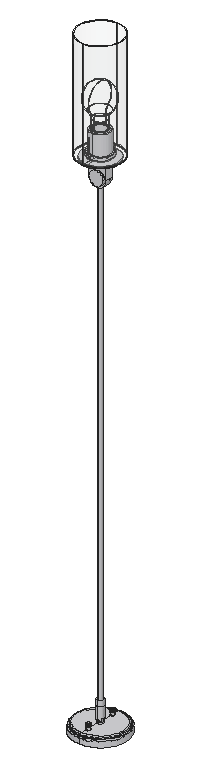
Revit family "Light_Fixture-Pendant-KOHLER-Crue-K-35876_1", category Lighting Fixtures, host Face, Revit 2021
Family settings
  Host = Face
  Round Connector Dimension = Use Diameter
  Part Type = Normal
  OmniClass Number = 23.35.47.00
  OmniClass Title = Electrical Lighting
  Cut with Voids When Loaded = No
  Light Source = Yes
  Shared = No
  Room Calculation Point = No
Parameters (values of type "CPL-Polished Chrome")
  Width = 4 185/256"  # constant formula
  Wattage Comments = "60W"  # constant formula
  Wattage = 60 W
  WaterSense Certified = 1 = 0  # no
  built-in parameter 1150110 = 1 (stored number, unit not read)
  Voltage = 120 V  # constant formula
  URL = "https://www.us.kohler.com/us/"
  Type = 4
  Tube Height [instance] = Height - 12 105/256"  # 44 73/128"
  built-in parameter 1114217 = 1 (stored number, unit not read)
  built-in parameter 1150109 = 1 (stored number, unit not read)
  built-in parameter 1150134 = 1
  built-in parameter 1150113 = 1 (stored number, unit not read)
  Product Page URL = "http://www.us.kohler.com/us/catalog/productDetails.jsp?productId=35876-PE01"
  Product Name = "Crue"  # constant formula
  Product Documentation Link = "https://www.us.kohler.com/webassets/kpna/catalog/pdf/en/K-35876-PE01_spec_US-CA_Kohler_en.pdf"
  Model = if(Type = 1, "K-35876-PE01-2GL", if(Type = 2, "K-35876-PE01-BLL", if(Type = 3, "K-35876-PE01-BNL", if(Type = 4, "K-35876-PE01-CPL", if(Type = 5, "K-35876-PE01-TTL", "NA")))))  # "K-35876-PE01-CPL"
  Material = "Premium Metal Construction\r\n"  # constant formula
  Master Format 2014 Name = "Interior Lighting Fixtures, Lamps, And Ballasts"  # constant formula
  Master Format 2014 = "26 51 13"  # constant formula
  Manufacturer Address = "444 Highland Dr, Kohler, WI 53044"  # constant formula
  Manufacturer = "Kohler Co."  # constant formula
  built-in parameter 1150105 = 95.493 (stored number, unit not read)
  Lumens = 1200 lm
  built-in parameter 1150115 = 1 (stored number, unit not read)
  Light Source Symbol Size = 4"  # constant formula
  built-in parameter 1150137 = (empty or 0)
  built-in parameter 1150139 = (empty or 0)
  Length = 4 185/256"  # constant formula
  built-in parameter 1150112 = 1 (stored number, unit not read)
  built-in parameter 1150114 = 1 (stored number, unit not read)
  Lamp = "E26 Max 60W"  # constant formula
  built-in parameter 1150132 = (empty or 0)
  built-in parameter 1150102 = (empty or 0)
  built-in parameter 1150107 = 6500 (stored number, unit not read)
  built-in parameter 1150138 = (empty or 0)
  built-in parameter 1150106 = 0.95493 (stored number, unit not read)
  Height [instance] = 56 251/256"
  Hardware Included = 1 = 0  # no
  Finish = KOHLER-Metal-CPL-Polished_Chrome
  Environmental Product Declaration = ""
  Emit from Line Length = 3"
  Electrical Note = "One Dedicated Circuit Required"  # constant formula
  Electrical Connector = 1 = 1  # yes
  built-in parameter 1150104 = 1.8581 (stored number, unit not read)
  Dimming Lamp Color Temperature Shift = Incandescent Lamp Curve
  Description = "1 Light Pendant"  # constant formula
  Default Elevation = 0"
  Declare Label = ""
  Date Modified = "01/17/2023"  # constant formula
  Date Created = "01/17/2023"  # constant formula
  Copyright = "Copyright Kohler Co."  # constant formula
  Contact Us = "https://www.us.kohler.com/us/static/contact.jsp"
  Color Filter = 16777215
  built-in parameter 1114218 = 1 (stored number, unit not read)
  built-in parameter 1150133 = 10 (stored number, unit not read)
  Assembly Code = "D5040.50"
  Apparent Load = 60 VA  # constant formula
  ADA Compliant = 1 = 0  # no
Reference planes (in)
  plane 1 "Center (Front/Back)": y = 0
  plane 2: z = 0
  plane 3 "Center (Left/Right)": x = 0
  plane 4: y = 2.3622
  plane 5: y = -2.36045
  plane 6: y = 1.37795
  plane 7: y = -1.9685
  plane 8: y = 1.9685
  plane 9: z = 44.57031
  plane 10: z = 0.7874
  plane 11: z = 2.67717
  plane 12: y = -1.37795
  plane 13: z = 56.98047
  plane 14: z = 46.98047
  plane 15: z = 53.99897
  plane 16: x = -2.3622
  plane 17: x = 2.36045
  plane 18: x = -1.9685
  plane 19: x = 1.9685
  plane 20: z = 50.99897
Dimensions and locks (in)
  "Tube Height": plane 9 to level
  "Width": plane 16 to plane 17
  "Length": plane 4 to plane 5
  "Height": plane 13 to level
  plane 9 to plane 13 = 12 105/256"
  plane 9 to plane 14 = 2 105/256"
  plane 14 to plane 13 = 10"
  plane 14 to plane 15 = 7.0185"
  plane 10 to level = 0.7874"
  plane 11 to level = 2.67717"
  plane 18 to plane 19 = 3.93701"
  plane 8 to plane 7 = 3.93701"
  locked: plane 13 to plane 20 at 5.9815
  aligned and locked: plane 2 to host face
  aligned and locked: level to host face
  aligned and locked: nested 2 to plane 9
  aligned and locked: imposter light to plane 20
Automatic sketch dimensions
  host sketch curve to host sketch curve = 96"  (x2)
Nested families (in)
  nested 1: "K-35876_Tube" at (0, 0, 0.00071), type "K-35876_Tube"
  nested 2: "K-35876" at (0, 0, -0.00173), type "K-35876"
Connectors (in)
  electrical at (0, 0, 0.00071), driven by "Voltage", driven by "Apparent Load", driven by "Electrical Connector", driven by "Electrical Note"
    settings: on nested 1, index 1, voltage 120 V, apparent load 60 VA, apparent load phase1 0 VA, apparent load phase2 0 VA, apparent load phase3 0 VA, power factor 1, load classification "Lighting", number of poles 1, system type 30, power factor state 1, is connector primary yes, connector utility yes, sub classification motor no, connector description "One Dedicated Circuit Required"
Definition of nested family "K-35876_Tube"
  Parameters (values of type "K-35876_Tube")
    Tube Height = 44.57134"
    Material = none
    Default Elevation = 0"
  Reference planes (in)
    plane 1 "Light Source Axis (F/B)": y = 0
    plane 2: z = 0
    plane 3 "Light Source Axis (L/R)": x = 0
    plane 4 "Light Source Elevation": z = 54
    plane 5: y = 2.3622
    plane 6: y = -2.3622
    plane 7: x = -2.3622
    plane 8: x = 2.3622
    plane 9: z = 0.7874
    plane 10: z = 2.67717
    plane 11: z = 56.9815
    plane 12: z = 44.57134
    plane 13: z = 46.9815
    plane 14: y = 1.9685
    plane 15: y = -1.9685
    plane 16: y = 1.37795
    plane 17: y = -1.37795
  Forms (in)
    Revolve 1, solid, material <- "Material", detail levels medium+fine
      sketch origin (0, 0, 0) x (0, 1, 0) y (0, 0, 1)
        loop
          line (0, 0) -> (2.3622, 0) -> (2.3622, 0.5315)
          arc (2.3622, 0.5315) -> (2.34491, 0.57325) -> (2.30315, 0.59055) r 0.05906
          line (2.30315, 0.59055) -> (2.20472, 0.59055)
          arc (2.20472, 0.59055) -> (2.17689, 0.60208) -> (2.16535, 0.62992) r 0.03937
          line (2.16535, 0.62992) -> (2.16535, 0.72835)
          arc (2.16535, 0.72835) -> (2.14806, 0.7701) -> (2.1063, 0.7874) r 0.05906
          line (2.1063, 0.7874) -> (0.23622, 0.7874) -> (0.18701, 0.7874) -> (0, 0.7874) -> (0, 0)
        loop
          line (0, 0.94204) -> (0.18701, 0.94204)
          arc (0.18701, 0.94204) -> (0.26507, 0.99388) -> (0.29528, 1.08259) r 0.14537
          line (0.29528, 1.08259) -> (0.29528, 2.20472) -> (0.24606, 2.20472) -> (0.24606, 2.23622) -> (0.29528, 2.23622) -> (0.29528, 2.67717) -> (0, 2.67717) -> (0, 0.94204)
        axis (0, 0) -> (0, 2.67717)
      angle from 0 to 360
    Revolve 2, solid, material <- "Material", detail levels medium+fine
      sketch origin (0, 0, 0) x (0, 1, 0) y (0, 0, 1)
        loop
          line (1.37795, 0.7874) -> (1.51195, 0.7874)
          arc (1.51195, 0.7874) -> (1.52603, 0.79466) -> (1.52828, 0.81034) r 0.01728
          arc (1.52828, 0.81034) -> (1.51253, 0.97518) -> (1.57426, 1.12883) r 0.35023
          line (1.57426, 1.12883) -> (1.57426, 1.25933) -> (1.37795, 1.25933) -> (1.37795, 0.7874)
        axis (1.37795, 0.7874) -> (1.37795, 1.25933)
      angle from 0 to 360
    Extrusion 3, void
      sketch origin (0, 0, 0) x (0, 1, 0) y (0, 0, 1)
        loop
          line (-0.18701, 1.257) -> (-0.18701, 0.7874) -> (0.18701, 0.7874) -> (0.18701, 1.257) -> (-0.18701, 1.257)
      from 0 to 0.7057
    Revolve 4, solid, material <- "Material", detail levels medium+fine
      sketch origin (0, 0, 0) x (0, 1, 0) y (0, 0, 1)
        loop
          line (0, 0.7874) -> (0.23622, 0.7874) -> (0.23622, 0.82677) -> (0.18701, 0.82677) -> (0.18701, 1.257) -> (0, 1.257) -> (0, 0.7874)
        axis (0, 0.7874) -> (0, 1.257)
      angle from 0 to 360
    Revolve 5, solid, material <- "Material"
      sketch origin (0, 0, 0) x (0, 1, 0) y (0, 0, 1)
        loop
          line (0, 2.67717) -> (0.18403, 2.67717) -> (0.18403, 44.57134) -> (0, 44.57134) -> (0, 2.67717)
        axis (0, 2.67717) -> (0, 44.57134)
      angle from 0 to 360
    Revolve 6, solid, material <- "Material", detail levels coarse
      sketch origin (0, 0, 0) x (0, 1, 0) y (0, 0, 1)
        loop
          line (0, 0) -> (2.3622, 0) -> (2.3622, 0.7874) -> (0.29528, 0.7874) -> (0.29528, 2.67717) -> (0, 2.67717) -> (0, 0)
        axis (0, 0) -> (0, 2.67717)
      angle from 0 to 360
    Revolve 7, solid, material <- "Material", detail levels coarse
      sketch origin (0, 0, 0) x (0, 1, 0) y (0, 0, 1)
        loop
          line (1.37795, 0.74878) -> (1.5748, 0.74878) -> (1.5748, 1.26036) -> (1.37795, 1.26036) -> (1.37795, 0.74878)
        axis (1.37795, 0.74878) -> (1.37795, 1.26036)
      angle from 0 to 360
    Revolve 8, solid, material <- "Material", detail levels coarse
      sketch origin (0, 0, 0) x (0, 1, 0) y (0, 0, 1)
        loop
          line (-1.37795, 1.26036) -> (-1.37795, 0.7874) -> (-1.1811, 0.7874) -> (-1.1811, 1.26036) -> (-1.37795, 1.26036)
        axis (-1.37795, 0.7874) -> (-1.37795, 1.26036)
      angle from 0 to 360
    Extrusion 9, void
      sketch origin (0, 0, 0) x (1, 0, 0) y (0, 1, 0)
        loop
          line (-0.01207, 1.57389) -> (0, 1.54539) -> (0.01207, 1.57389) -> (0.01207, 1.63089) -> (-0.01207, 1.57389)
      from 0.94204 to 1.41914
    Extrusion 10, void
      sketch origin (-0.37982, 0.05338, 0) x (0.961262, -0.275637, 0) y (0.275637, 0.961262, 0)
        loop
          line (-0.01207, 1.57389) -> (0, 1.54539) -> (0.01207, 1.57389) -> (0.01207, 1.63089) -> (-0.01207, 1.57389)
      from 0.94204 to 1.41914
    Extrusion 11, void
      sketch origin (-0.70252, 0.19253, 0) x (0.860276, -0.509829, 0) y (0.509829, 0.860276, 0)
        loop
          line (-0.01207, 1.57389) -> (0, 1.54539) -> (0.01207, 1.57389) -> (0.01207, 1.63089) -> (-0.01207, 1.57389)
      from 0.94204 to 1.41914
    Extrusion 12, void
      sketch origin (-1.00205, 0.4321, 0) x (0.686422, -0.727203, 0) y (0.727203, 0.686422, 0)
        loop
          line (-0.01207, 1.57389) -> (0, 1.54539) -> (0.01207, 1.57389) -> (0.01207, 1.63089) -> (-0.01207, 1.57389)
      from 0.94204 to 1.41914
    Extrusion 13, void
      sketch origin (-1.20731, 0.71376, 0) x (0.482017, -0.876162, 0) y (0.876162, 0.482017, 0)
        loop
          line (-0.01207, 1.57389) -> (0, 1.54539) -> (0.01207, 1.57389) -> (0.01207, 1.63089) -> (-0.01207, 1.57389)
      from 0.94204 to 1.41914
    Extrusion 14, void
      sketch origin (-1.34362, 1.07227, 0) x (0.221841, -0.975083, 0) y (0.975083, 0.221841, 0)
        loop
          line (-0.01207, 1.57389) -> (0, 1.54539) -> (0.01207, 1.57389) -> (0.01207, 1.63089) -> (-0.01207, 1.57389)
      from 0.94204 to 1.41914
    Extrusion 15, void
      sketch origin (-1.37725, 1.42208, 0) x (-0.032025, -0.999487, 0) y (0.999487, -0.032025, 0)
        loop
          line (-0.01207, 1.57389) -> (0, 1.54539) -> (0.01207, 1.57389) -> (0.01207, 1.63089) -> (-0.01207, 1.57389)
      from 0.94204 to 1.41914
    Extrusion 16, void
      sketch origin (-1.31173, 1.79999, 0) x (-0.306281, -0.951941, 0) y (0.951941, -0.306281, 0)
        loop
          line (-0.01207, 1.57389) -> (0, 1.54539) -> (0.01207, 1.57389) -> (0.01207, 1.63089) -> (-0.01207, 1.57389)
      from 0.94204 to 1.41914
    Extrusion 17, void
      sketch origin (-1.11101, 2.19307, 0) x (-0.591539, -0.806276, 0) y (0.806276, -0.591539, 0)
        loop
          line (-0.01207, 1.57389) -> (0, 1.54539) -> (0.01207, 1.57389) -> (0.01207, 1.63089) -> (-0.01207, 1.57389)
      from 0.94204 to 1.41914
    Extrusion 18, void
      sketch origin (-0.8433, 2.46773, 0) x (-0.790864, -0.611992, 0) y (0.611992, -0.790864, 0)
        loop
          line (-0.01207, 1.57389) -> (0, 1.54539) -> (0.01207, 1.57389) -> (0.01207, 1.63089) -> (-0.01207, 1.57389)
      from 0.94204 to 1.41914
    Extrusion 19, void
      sketch origin (-0.54021, 2.6456, 0) x (-0.91995, -0.392037, 0) y (0.392037, -0.91995, 0)
        loop
          line (-0.01207, 1.57389) -> (0, 1.54539) -> (0.01207, 1.57389) -> (0.01207, 1.63089) -> (-0.01207, 1.57389)
      from 0.94204 to 1.41914
    Extrusion 20, void
      sketch origin (-0.16987, 2.74539, 0) x (-0.992372, -0.123277, 0) y (0.123277, -0.992372, 0)
        loop
          line (-0.01207, 1.57389) -> (0, 1.54539) -> (0.01207, 1.57389) -> (0.01207, 1.63089) -> (-0.01207, 1.57389)
      from 0.94204 to 1.41914
    Extrusion 21, void
      sketch origin (0.17864, 2.74428, 0) x (-0.99156, 0.129645, 0) y (-0.129645, -0.99156, 0)
        loop
          line (-0.01207, 1.57389) -> (0, 1.54539) -> (0.01207, 1.57389) -> (0.01207, 1.63089) -> (-0.01207, 1.57389)
      from 0.94204 to 1.41914
    Extrusion 22, void
      sketch origin (0.54833, 2.64211, 0) x (-0.917414, 0.397934, 0) y (-0.397934, -0.917414, 0)
        loop
          line (-0.01207, 1.57389) -> (0, 1.54539) -> (0.01207, 1.57389) -> (0.01207, 1.63089) -> (-0.01207, 1.57389)
      from 0.94204 to 1.41914
    Extrusion 23, void
      sketch origin (0.85027, 2.46229, 0) x (-0.786919, 0.617057, 0) y (-0.617057, -0.786919, 0)
        loop
          line (-0.01207, 1.57389) -> (0, 1.54539) -> (0.01207, 1.57389) -> (0.01207, 1.63089) -> (-0.01207, 1.57389)
      from 0.94204 to 1.41914
    Extrusion 24, void
      sketch origin (1.11622, 2.18592, 0) x (-0.586351, 0.810057, 0) y (-0.810057, -0.586351, 0)
        loop
          line (-0.01207, 1.57389) -> (0, 1.54539) -> (0.01207, 1.57389) -> (0.01207, 1.63089) -> (-0.01207, 1.57389)
      from 0.94204 to 1.41914
    Extrusion 25, void
      sketch origin (1.28186, 1.88352, 0) x (-0.366895, 0.930262, 0) y (-0.930262, -0.366895, 0)
        loop
          line (-0.01207, 1.57389) -> (0, 1.54539) -> (0.01207, 1.57389) -> (0.01207, 1.63089) -> (-0.01207, 1.57389)
      from 0.94204 to 1.41914
    Extrusion 26, void
      sketch origin (1.37155, 1.5106, 0) x (-0.096267, 0.995355, 0) y (-0.995355, -0.096267, 0)
        loop
          line (-0.01207, 1.57389) -> (0, 1.54539) -> (0.01207, 1.57389) -> (0.01207, 1.63089) -> (-0.01207, 1.57389)
      from 0.94204 to 1.41914
    Extrusion 27, void
      sketch origin (1.3605, 1.15935, 0) x (0.158643, 0.987336, 0) y (-0.987336, 0.158643, 0)
        loop
          line (-0.01207, 1.57389) -> (0, 1.54539) -> (0.01207, 1.57389) -> (0.01207, 1.63089) -> (-0.01207, 1.57389)
      from 0.94204 to 1.41914
    Extrusion 28, void
      sketch origin (1.24754, 0.79281, 0) x (0.424644, 0.90536, 0) y (-0.90536, 0.424644, 0)
        loop
          line (-0.01207, 1.57389) -> (0, 1.54539) -> (0.01207, 1.57389) -> (0.01207, 1.63089) -> (-0.01207, 1.57389)
      from 0.94204 to 1.41914
    Extrusion 29, void
      sketch origin (1.06083, 0.49853, 0) x (0.638211, 0.769862, 0) y (-0.769862, 0.638211, 0)
        loop
          line (-0.01207, 1.57389) -> (0, 1.54539) -> (0.01207, 1.57389) -> (0.01207, 1.63089) -> (-0.01207, 1.57389)
      from 0.94204 to 1.41914
    Extrusion 30, void
      sketch origin (0.77734, 0.24019, 0) x (0.82569, 0.564124, 0) y (-0.564124, 0.82569, 0)
        loop
          line (-0.01207, 1.57389) -> (0, 1.54539) -> (0.01207, 1.57389) -> (0.01207, 1.63089) -> (-0.01207, 1.57389)
      from 0.94204 to 1.41914
    Extrusion 31, void
      sketch origin (0.46425, 0.08056, 0) x (0.941535, 0.336915, 0) y (-0.336915, 0.941535, 0)
        loop
          line (-0.01207, 1.57389) -> (0, 1.54539) -> (0.01207, 1.57389) -> (0.01207, 1.63089) -> (-0.01207, 1.57389)
      from 0.94204 to 1.41914
    Revolve 32, solid, material <- "Material", detail levels medium+fine
      sketch origin (0, 0, 0) x (0, -1, 0) y (0, 0, -1)
        loop
          line (1.37795, -0.7874) -> (1.37795, -1.25933) -> (1.57426, -1.25933) -> (1.57426, -1.12883)
          arc (1.57426, -1.12883) -> (1.51253, -0.97518) -> (1.52828, -0.81034) r 0.35023
          arc (1.52828, -0.81034) -> (1.52603, -0.79466) -> (1.51195, -0.7874) r 0.01728
          line (1.51195, -0.7874) -> (1.37795, -0.7874)
        axis (1.37795, -0.7874) -> (1.37795, -1.25933)
      angle from 0 to 360
    Extrusion 33, void
      sketch origin (0, 0, 0) x (1, 0, 0) y (0, 1, 0)
        loop
          line (-0.01207, -1.57389) -> (0.01207, -1.63089) -> (0.01207, -1.57389) -> (0, -1.54539) -> (-0.01207, -1.57389)
      from 0.94204 to 1.41914
    Extrusion 34, void
      sketch origin (-0.37982, -0.05338, 0) x (0.961262, 0.275637, 0) y (-0.275637, 0.961262, 0)
        loop
          line (-0.01207, -1.57389) -> (0.01207, -1.63089) -> (0.01207, -1.57389) -> (0, -1.54539) -> (-0.01207, -1.57389)
      from 0.94204 to 1.41914
    Extrusion 35, void
      sketch origin (-0.70252, -0.19253, 0) x (0.860276, 0.509829, 0) y (-0.509829, 0.860276, 0)
        loop
          line (-0.01207, -1.57389) -> (0.01207, -1.63089) -> (0.01207, -1.57389) -> (0, -1.54539) -> (-0.01207, -1.57389)
      from 0.94204 to 1.41914
    Extrusion 36, void
      sketch origin (-1.00205, -0.4321, 0) x (0.686422, 0.727203, 0) y (-0.727203, 0.686422, 0)
        loop
          line (-0.01207, -1.57389) -> (0.01207, -1.63089) -> (0.01207, -1.57389) -> (0, -1.54539) -> (-0.01207, -1.57389)
      from 0.94204 to 1.41914
    Extrusion 37, void
      sketch origin (-1.20731, -0.71376, 0) x (0.482017, 0.876162, 0) y (-0.876162, 0.482017, 0)
        loop
          line (-0.01207, -1.57389) -> (0.01207, -1.63089) -> (0.01207, -1.57389) -> (0, -1.54539) -> (-0.01207, -1.57389)
      from 0.94204 to 1.41914
    Extrusion 38, void
      sketch origin (-1.34362, -1.07227, 0) x (0.221841, 0.975083, 0) y (-0.975083, 0.221841, 0)
        loop
          line (-0.01207, -1.57389) -> (0.01207, -1.63089) -> (0.01207, -1.57389) -> (0, -1.54539) -> (-0.01207, -1.57389)
      from 0.94204 to 1.41914
    Extrusion 39, void
      sketch origin (-1.37725, -1.42208, 0) x (-0.032025, 0.999487, 0) y (-0.999487, -0.032025, 0)
        loop
          line (-0.01207, -1.57389) -> (0.01207, -1.63089) -> (0.01207, -1.57389) -> (0, -1.54539) -> (-0.01207, -1.57389)
      from 0.94204 to 1.41914
    Extrusion 40, void
      sketch origin (-1.31173, -1.79999, 0) x (-0.306281, 0.951941, 0) y (-0.951941, -0.306281, 0)
        loop
          line (-0.01207, -1.57389) -> (0.01207, -1.63089) -> (0.01207, -1.57389) -> (0, -1.54539) -> (-0.01207, -1.57389)
      from 0.94204 to 1.41914
    Extrusion 41, void
      sketch origin (-1.11101, -2.19307, 0) x (-0.591539, 0.806276, 0) y (-0.806276, -0.591539, 0)
        loop
          line (-0.01207, -1.57389) -> (0.01207, -1.63089) -> (0.01207, -1.57389) -> (0, -1.54539) -> (-0.01207, -1.57389)
      from 0.94204 to 1.41914
    Extrusion 42, void
      sketch origin (-0.8433, -2.46773, 0) x (-0.790864, 0.611992, 0) y (-0.611992, -0.790864, 0)
        loop
          line (-0.01207, -1.57389) -> (0.01207, -1.63089) -> (0.01207, -1.57389) -> (0, -1.54539) -> (-0.01207, -1.57389)
      from 0.94204 to 1.41914
    Extrusion 43, void
      sketch origin (-0.54021, -2.6456, 0) x (-0.91995, 0.392037, 0) y (-0.392037, -0.91995, 0)
        loop
          line (-0.01207, -1.57389) -> (0.01207, -1.63089) -> (0.01207, -1.57389) -> (0, -1.54539) -> (-0.01207, -1.57389)
      from 0.94204 to 1.41914
    Extrusion 44, void
      sketch origin (-0.16987, -2.74539, 0) x (-0.992372, 0.123277, 0) y (-0.123277, -0.992372, 0)
        loop
          line (-0.01207, -1.57389) -> (0.01207, -1.63089) -> (0.01207, -1.57389) -> (0, -1.54539) -> (-0.01207, -1.57389)
      from 0.94204 to 1.41914
    Extrusion 45, void
      sketch origin (0.17864, -2.74428, 0) x (-0.99156, -0.129645, 0) y (0.129645, -0.99156, 0)
        loop
          line (-0.01207, -1.57389) -> (0.01207, -1.63089) -> (0.01207, -1.57389) -> (0, -1.54539) -> (-0.01207, -1.57389)
      from 0.94204 to 1.41914
    Extrusion 46, void
      sketch origin (0.54833, -2.64211, 0) x (-0.917414, -0.397934, 0) y (0.397934, -0.917414, 0)
        loop
          line (-0.01207, -1.57389) -> (0.01207, -1.63089) -> (0.01207, -1.57389) -> (0, -1.54539) -> (-0.01207, -1.57389)
      from 0.94204 to 1.41914
    Extrusion 47, void
      sketch origin (0.85027, -2.46229, 0) x (-0.786919, -0.617057, 0) y (0.617057, -0.786919, 0)
        loop
          line (-0.01207, -1.57389) -> (0.01207, -1.63089) -> (0.01207, -1.57389) -> (0, -1.54539) -> (-0.01207, -1.57389)
      from 0.94204 to 1.41914
    Extrusion 48, void
      sketch origin (1.11622, -2.18592, 0) x (-0.586351, -0.810057, 0) y (0.810057, -0.586351, 0)
        loop
          line (-0.01207, -1.57389) -> (0.01207, -1.63089) -> (0.01207, -1.57389) -> (0, -1.54539) -> (-0.01207, -1.57389)
      from 0.94204 to 1.41914
    Extrusion 49, void
      sketch origin (1.28186, -1.88352, 0) x (-0.366895, -0.930262, 0) y (0.930262, -0.366895, 0)
        loop
          line (-0.01207, -1.57389) -> (0.01207, -1.63089) -> (0.01207, -1.57389) -> (0, -1.54539) -> (-0.01207, -1.57389)
      from 0.94204 to 1.41914
    Extrusion 50, void
      sketch origin (1.37155, -1.5106, 0) x (-0.096267, -0.995355, 0) y (0.995355, -0.096267, 0)
        loop
          line (-0.01207, -1.57389) -> (0.01207, -1.63089) -> (0.01207, -1.57389) -> (0, -1.54539) -> (-0.01207, -1.57389)
      from 0.94204 to 1.41914
    Extrusion 51, void
      sketch origin (1.3605, -1.15935, 0) x (0.158643, -0.987336, 0) y (0.987336, 0.158643, 0)
        loop
          line (-0.01207, -1.57389) -> (0.01207, -1.63089) -> (0.01207, -1.57389) -> (0, -1.54539) -> (-0.01207, -1.57389)
      from 0.94204 to 1.41914
    Extrusion 52, void
      sketch origin (1.24754, -0.79281, 0) x (0.424644, -0.90536, 0) y (0.90536, 0.424644, 0)
        loop
          line (-0.01207, -1.57389) -> (0.01207, -1.63089) -> (0.01207, -1.57389) -> (0, -1.54539) -> (-0.01207, -1.57389)
      from 0.94204 to 1.41914
    Extrusion 53, void
      sketch origin (1.06083, -0.49853, 0) x (0.638211, -0.769862, 0) y (0.769862, 0.638211, 0)
        loop
          line (-0.01207, -1.57389) -> (0.01207, -1.63089) -> (0.01207, -1.57389) -> (0, -1.54539) -> (-0.01207, -1.57389)
      from 0.94204 to 1.41914
    Extrusion 54, void
      sketch origin (0.77734, -0.24019, 0) x (0.82569, -0.564124, 0) y (0.564124, 0.82569, 0)
        loop
          line (-0.01207, -1.57389) -> (0.01207, -1.63089) -> (0.01207, -1.57389) -> (0, -1.54539) -> (-0.01207, -1.57389)
      from 0.94204 to 1.41914
    Extrusion 55, void
      sketch origin (0.46425, -0.08056, 0) x (0.941535, -0.336915, 0) y (0.336915, 0.941535, 0)
        loop
          line (-0.01207, -1.57389) -> (0.01207, -1.63089) -> (0.01207, -1.57389) -> (0, -1.54539) -> (-0.01207, -1.57389)
      from 0.94204 to 1.41914
    Extrusion 56, solid, material <- "Material", detail levels medium+fine
      sketch origin (0, 0, 0) x (1, 0, 0) y (0, 1, 0)
        loop
          circle (0, 0) r 0.18403
      from 0 to 0.21698
  Cuts and joins
    Extrusion 3 cuts Revolve 1
    Extrusion 9, Extrusion 10, Extrusion 11, Extrusion 12, Extrusion 13, Extrusion 14, Extrusion 15, Extrusion 16, Extrusion 17, Extrusion 18, Extrusion 19, Extrusion 20, Extrusion 21, Extrusion 22, Extrusion 23, Extrusion 24, Extrusion 25, Extrusion 26, Extrusion 27, Extrusion 28, Extrusion 29, Extrusion 30, Extrusion 31, Extrusion 33, Extrusion 34, Extrusion 35, Extrusion 36, Extrusion 37, Extrusion 38, Extrusion 39, Extrusion 40, Extrusion 41, Extrusion 42, Extrusion 43, Extrusion 44, Extrusion 45, Extrusion 46, Extrusion 47, Extrusion 48, Extrusion 49, Extrusion 50, Extrusion 51, Extrusion 52, Extrusion 53, Extrusion 54, Extrusion 55 cuts Revolve 2
    Extrusion 33 cuts Revolve 7
    Extrusion 33, Extrusion 34, Extrusion 35, Extrusion 36, Extrusion 37, Extrusion 38, Extrusion 39, Extrusion 40, Extrusion 41, Extrusion 42, Extrusion 43, Extrusion 44, Extrusion 45, Extrusion 46, Extrusion 47, Extrusion 48, Extrusion 49, Extrusion 50, Extrusion 51, Extrusion 52, Extrusion 53, Extrusion 54, Extrusion 55 cuts Revolve 32
  Lines and regions (in)
    Masking region 1
      outline origin (0, 0, 0) x (1, 0, 0) y (0, 0, 1)
        loop
          line (0, 44.57134) -> (-0.18403, 44.57134) -> (-0.18403, 2.67717) -> (-0.29528, 2.67717) -> (-0.29528, 2.23622) -> (-0.24606, 2.23622) -> (-0.24606, 2.20472) -> (-0.29528, 2.20472) -> (-0.29528, 1.08298)
          arc (-0.29528, 1.08298) -> (-0.2651, 0.99413) -> (-0.18704, 0.94204) r 0.14588
          line (-0.18704, 0.94204) -> (-0.18704, 0.82692) -> (-0.23639, 0.82692) -> (-0.23639, 0.7874) -> (-2.10538, 0.7874)
          arc (-2.10538, 0.7874) -> (-2.14714, 0.7701) -> (-2.16443, 0.72835) r 0.05906
          line (-2.16443, 0.72835) -> (-2.16443, 0.63016)
          arc (-2.16443, 0.63016) -> (-2.17596, 0.60232) -> (-2.2038, 0.59079) r 0.03937
          line (-2.2038, 0.59079) -> (-2.30315, 0.59079)
          arc (-2.30315, 0.59079) -> (-2.34491, 0.57349) -> (-2.3622, 0.53173) r 0.05906
          line (-2.3622, 0.53173) -> (-2.3622, 0) -> (0, 0) -> (2.3622, 0) -> (2.3622, 0.53173)
          arc (2.3622, 0.53173) -> (2.34491, 0.57349) -> (2.30315, 0.59079) r 0.05906
          line (2.30315, 0.59079) -> (2.2038, 0.59079)
          arc (2.2038, 0.59079) -> (2.17596, 0.60232) -> (2.16443, 0.63016) r 0.03937
          line (2.16443, 0.63016) -> (2.16443, 0.72835)
          arc (2.16443, 0.72835) -> (2.14714, 0.7701) -> (2.10538, 0.7874) r 0.05906
          line (2.10538, 0.7874) -> (0.23639, 0.7874) -> (0.23639, 0.82692) -> (0.18704, 0.82692) -> (0.18704, 0.94204)
          arc (0.18704, 0.94204) -> (0.2651, 0.99413) -> (0.29528, 1.08298) r 0.14588
          line (0.29528, 1.08298) -> (0.29528, 2.20472) -> (0.24606, 2.20472) -> (0.24606, 2.23622) -> (0.29528, 2.23622) -> (0.29528, 2.67717) -> (0.18403, 2.67717) -> (0.18403, 44.57134) -> (0, 44.57134)
    Masking region 2
      outline origin (0, 0, 0) x (0, 1, 0) y (0, 0, 1)
        loop
          line (0, 0) -> (2.3622, 0) -> (2.3622, 0.5315)
          arc (2.3622, 0.5315) -> (2.34491, 0.57325) -> (2.30315, 0.59055) r 0.05906
          line (2.30315, 0.59055) -> (2.20338, 0.59055)
          arc (2.20338, 0.59055) -> (2.17555, 0.60208) -> (2.16401, 0.62992) r 0.03937
          line (2.16401, 0.62992) -> (2.16401, 0.72835)
          arc (2.16401, 0.72835) -> (2.14672, 0.7701) -> (2.10496, 0.7874) r 0.05906
          line (2.10496, 0.7874) -> (1.51288, 0.7874)
          arc (1.51288, 0.7874) -> (1.5269, 0.79466) -> (1.52935, 0.81026) r 0.01748
          arc (1.52935, 0.81026) -> (1.51531, 0.97452) -> (1.57498, 1.1282) r 0.36492
          line (1.57498, 1.1282) -> (1.57498, 1.22863)
          arc (1.57498, 1.22863) -> (1.56569, 1.25107) -> (1.54326, 1.26036) r 0.03172
          line (1.54326, 1.26036) -> (1.37795, 1.26036) -> (1.21265, 1.26036)
          arc (1.21265, 1.26036) -> (1.19022, 1.25107) -> (1.18092, 1.22863) r 0.03172
          line (1.18092, 1.22863) -> (1.18092, 1.1282)
          arc (1.18092, 1.1282) -> (1.2406, 0.97452) -> (1.22655, 0.81026) r 0.36492
          arc (1.22655, 0.81026) -> (1.229, 0.79466) -> (1.24303, 0.7874) r 0.01748
          line (1.24303, 0.7874) -> (0.23622, 0.7874) -> (0.23622, 0.82677) -> (0.18701, 0.82677) -> (0.18701, 0.93958)
          arc (0.18701, 0.93958) -> (0.26537, 0.99693) -> (0.29528, 1.08933) r 0.15769
          line (0.29528, 1.08933) -> (0.29528, 2.20472) -> (0.24606, 2.20472) -> (0.24606, 2.23655) -> (0.29528, 2.23655) -> (0.29528, 2.67717) -> (0.18403, 2.67717) -> (0.18403, 44.57134) -> (0, 44.57134) -> (-0.18403, 44.57134) -> (-0.18403, 2.67717) -> (-0.29528, 2.67717) -> (-0.29528, 2.23655) -> (-0.24606, 2.23655) -> (-0.24606, 2.20472) -> (-0.29528, 2.20472) -> (-0.29528, 1.08538)
          arc (-0.29528, 1.08538) -> (-0.26525, 0.99458) -> (-0.18701, 0.93958) r 0.1523
          line (-0.18701, 0.93958) -> (-0.18701, 0.82677) -> (-0.23622, 0.82677) -> (-0.23622, 0.7874) -> (-1.24303, 0.7874)
          arc (-1.24303, 0.7874) -> (-1.229, 0.79466) -> (-1.22655, 0.81026) r 0.01748
          arc (-1.22655, 0.81026) -> (-1.2406, 0.97452) -> (-1.18092, 1.1282) r 0.36492
          line (-1.18092, 1.1282) -> (-1.18092, 1.22863)
          arc (-1.18092, 1.22863) -> (-1.19022, 1.25107) -> (-1.21265, 1.26036) r 0.03172
          line (-1.21265, 1.26036) -> (-1.37795, 1.26036) -> (-1.54326, 1.26036)
          arc (-1.54326, 1.26036) -> (-1.56569, 1.25107) -> (-1.57498, 1.22863) r 0.03172
          line (-1.57498, 1.22863) -> (-1.57498, 1.1282)
          arc (-1.57498, 1.1282) -> (-1.51531, 0.97452) -> (-1.52935, 0.81026) r 0.36492
          arc (-1.52935, 0.81026) -> (-1.5269, 0.79466) -> (-1.51288, 0.7874) r 0.01748
          line (-1.51288, 0.7874) -> (-2.10496, 0.7874)
          arc (-2.10496, 0.7874) -> (-2.14672, 0.7701) -> (-2.16401, 0.72835) r 0.05906
          line (-2.16401, 0.72835) -> (-2.16401, 0.62992)
          arc (-2.16401, 0.62992) -> (-2.17555, 0.60208) -> (-2.20338, 0.59055) r 0.03937
          line (-2.20338, 0.59055) -> (-2.30315, 0.59055)
          arc (-2.30315, 0.59055) -> (-2.34491, 0.57325) -> (-2.3622, 0.5315) r 0.05906
          line (-2.3622, 0.5315) -> (-2.3622, 0) -> (0, 0)
    symbolic lines, detail levels medium+fine
      curve 1: line (-2.30315, 0, 0.59079) -> (2.30315, 0, 0.59079)
      curve 2: line (-2.3622, 0, 0.53173) -> (2.3622, 0, 0.53173)
      curve 3: line (-2.16443, 0, 0.72835) -> (2.16443, 0, 0.72835)
      curve 4: line (-0.23622, 0, 0.7874) -> (0.23622, 0, 0.7874)
      curve 5: line (-0.18704, 0, 0.82692) -> (-0.14507, 0, 0.82692)
      curve 6: line (0.18051, 0, 1.257) -> (-0.18051, 0, 1.257)
      curve 7: line (-0.19625, 0, 1.13635) -> (-0.19625, 0, 1.24125)
      curve 8: arc (-0.15195, 0, 0.80439) -> (-0.13531, 0, 0.96586) -> (-0.19092, 0, 1.11835) r 0.36185
      curve 9: arc (-0.14093, 0, 0.7874) -> (-0.15056, 0, 0.79322) -> (-0.15195, 0, 0.80439) r 0.01289
      curve 10: arc (-0.19625, 0, 1.24125) -> (-0.19164, 0, 1.25239) -> (-0.18051, 0, 1.257) r 0.01575
      curve 11: arc (-0.19092, 0, 1.11835) -> (-0.19489, 0, 1.12696) -> (-0.19625, 0, 1.13635) r 0.03304
      curve 12: line (0.19625, 0, 1.13589) -> (0.19625, 0, 1.24125)
      curve 13: arc (0.15195, 0, 0.80439) -> (0.13533, 0, 0.96607) -> (0.19115, 0, 1.11871) r 0.36185
      curve 14: arc (0.14093, 0, 0.7874) -> (0.15056, 0, 0.79322) -> (0.15195, 0, 0.80439) r 0.01289
      curve 15: arc (0.18051, 0, 1.257) -> (0.19164, 0, 1.25239) -> (0.19625, 0, 1.24125) r 0.01575
      curve 16: arc (0.19115, 0, 1.11871) -> (0.19495, 0, 1.12693) -> (0.19625, 0, 1.13589) r 0.0315
      curve 17: line (0.18704, 0, 0.82692) -> (0.14507, 0, 0.82692)
      curve 18: line (-0.18701, 0, 0.94204) -> (-0.13315, 0, 0.94204)
      curve 19: line (0.18704, 0, 0.94204) -> (0.13315, 0, 0.94204)
      curve 20: line (-0.23965, 0, 2.67717) -> (0.23965, 0, 2.67717)
      curve 21: line (-0.24606, 0, 2.23622) -> (0.25861, 0, 2.23622)
      curve 22: line (0.25861, 0, 2.20472) -> (-0.24606, 0, 2.20472)
      curve 23: line (-0.18636, 0, 1.12664) -> (-0.18636, 0, 1.22377)
      curve 24: line (-0.17069, 0, 1.22377) -> (-0.17069, 0, 1.12664)
      curve 25: line (-0.15488, 0, 1.12664) -> (-0.15488, 0, 1.22377)
      curve 26: arc (-0.19625, 0, 1.22377) -> (-0.18998, 0, 1.24153) -> (-0.17545, 0, 1.25349) r 0.03513
      curve 27: arc (-0.18636, 0, 1.22377) -> (-0.17923, 0, 1.24112) -> (-0.16537, 0, 1.25375) r 0.04274
      curve 28: arc (-0.17377, 0, 1.22377) -> (-0.17163, 0, 1.23934) -> (-0.16537, 0, 1.25375) r 0.05767
      curve 29: arc (-0.17069, 0, 1.22377) -> (-0.16461, 0, 1.24251) -> (-0.14867, 0, 1.25409) r 0.03187
      curve 30: arc (-0.15488, 0, 1.22377) -> (-0.15331, 0, 1.23924) -> (-0.14867, 0, 1.25409) r 0.07709
      curve 31: arc (-0.18636, 0, 1.12664) -> (-0.17923, 0, 1.10929) -> (-0.16537, 0, 1.09666) r 0.04274
      curve 32: arc (-0.17377, 0, 1.12664) -> (-0.17163, 0, 1.11107) -> (-0.16537, 0, 1.09666) r 0.05767
      curve 33: arc (-0.17069, 0, 1.12664) -> (-0.16461, 0, 1.1079) -> (-0.14867, 0, 1.09633) r 0.03187
      curve 34: arc (-0.15488, 0, 1.12664) -> (-0.15331, 0, 1.11117) -> (-0.14867, 0, 1.09633) r 0.07709
      curve 35: line (-0.13922, 0, 1.22377) -> (-0.13922, 0, 1.12664)
      curve 36: arc (-0.15181, 0, 1.22377) -> (-0.14468, 0, 1.24112) -> (-0.13082, 0, 1.25375) r 0.04274
      curve 37: arc (-0.13922, 0, 1.22377) -> (-0.13708, 0, 1.23934) -> (-0.13082, 0, 1.25375) r 0.05767
      curve 38: arc (-0.15181, 0, 1.12664) -> (-0.14468, 0, 1.10929) -> (-0.13082, 0, 1.09666) r 0.04274
      curve 39: arc (-0.13922, 0, 1.12664) -> (-0.13708, 0, 1.11107) -> (-0.13082, 0, 1.09666) r 0.05767
      curve 40: line (-0.17377, 0, 1.22377) -> (-0.17377, 0, 1.12664)
      curve 41: line (-0.15181, 0, 1.22377) -> (-0.15181, 0, 1.12664)
      curve 42: arc (-0.18636, 0, 1.22377) -> (-0.18354, 0, 1.2396) -> (-0.17545, 0, 1.25349) r 0.04592
      curve 43: arc (-0.01575, 0, 1.22355) -> (-0.01128, 0, 1.24017) -> (0, 0, 1.25317) r 0.0384
      curve 44: arc (-0.05527, 0, 1.22499) -> (-0.05891, 0, 1.24091) -> (-0.06876, 0, 1.25392) r 0.03882
      curve 45: arc (-0.06876, 0, 1.25392) -> (-0.08233, 0, 1.24221) -> (-0.08568, 0, 1.22461) r 0.02722
      curve 46: line (-0.11478, 0, 1.252) -> (-0.11478, 0, 1.09553)
      curve 47: line (-0.13277, 0, 1.22459) -> (-0.13277, 0, 1.12294)
      curve 48: line (-0.08995, 0, 1.25347) -> (-0.08995, 0, 1.09696)
      curve 49: arc (-0.08995, 0, 1.25347) -> (-0.10426, 0, 1.24128) -> (-0.10848, 0, 1.22295) r 0.02995
      curve 50: line (-0.10848, 0, 1.22295) -> (-0.10848, 0, 1.12749)
      curve 51: line (-0.08568, 0, 1.22461) -> (-0.08568, 0, 1.11713)
      curve 52: line (-0.05527, 0, 1.22499) -> (-0.05527, 0, 1.11675)
      curve 53: line (-0.05244, 0, 1.22459) -> (-0.05244, 0, 1.12294)
      curve 54: line (-0.01976, 0, 1.22459) -> (-0.01976, 0, 1.11715)
      curve 55: line (-0.01575, 0, 1.22355) -> (-0.01575, 0, 1.12585)
      curve 56: arc (-0.13277, 0, 1.22459) -> (-0.12787, 0, 1.24098) -> (-0.11478, 0, 1.252) r 0.02988
      curve 57: arc (-0.05244, 0, 1.22459) -> (-0.04942, 0, 1.23727) -> (-0.04101, 0, 1.24722) r 0.02812
      curve 58: arc (-0.01976, 0, 1.22459) -> (-0.0238, 0, 1.24079) -> (-0.03497, 0, 1.2532) r 0.03451
      curve 59: arc (-0.04101, 0, 1.24722) -> (-0.03777, 0, 1.24999) -> (-0.03497, 0, 1.2532) r 0.02947
      curve 60: arc (-0.13277, 0, 1.12294) -> (-0.12787, 0, 1.10655) -> (-0.11478, 0, 1.09553) r 0.02988
      curve 61: arc (-0.08995, 0, 1.09696) -> (-0.10426, 0, 1.10916) -> (-0.10848, 0, 1.12749) r 0.02995
      curve 62: arc (-0.06876, 0, 1.08782) -> (-0.08233, 0, 1.09953) -> (-0.08568, 0, 1.11713) r 0.02722
      curve 63: arc (-0.05527, 0, 1.11675) -> (-0.05891, 0, 1.10083) -> (-0.06876, 0, 1.08782) r 0.03882
      curve 64: arc (-0.01976, 0, 1.11715) -> (-0.0238, 0, 1.10095) -> (-0.03497, 0, 1.08854) r 0.03451
      curve 65: arc (-0.05244, 0, 1.12294) -> (-0.04782, 0, 1.10365) -> (-0.03497, 0, 1.08854) r 0.0426
      curve 66: arc (-0.01575, 0, 1.12585) -> (-0.01165, 0, 1.10546) -> (0, 0, 1.08825) r 0.05275
      curve 67: line (0.19625, 0, 1.13589) -> (0.19625, 0, 1.24125)
      curve 68: arc (0.19625, 0, 1.24125) -> (0.19164, 0, 1.25239) -> (0.18051, 0, 1.257) r 0.01575
      curve 69: arc (0.19115, 0, 1.11871) -> (0.19489, 0, 1.12694) -> (0.19625, 0, 1.13589) r 0.03304
      curve 70: line (0.18636, 0, 1.12664) -> (0.18636, 0, 1.22377)
      curve 71: line (0.17069, 0, 1.22377) -> (0.17069, 0, 1.12664)
      curve 72: line (0.15488, 0, 1.12664) -> (0.15488, 0, 1.22377)
      curve 73: arc (0.19625, 0, 1.22377) -> (0.18998, 0, 1.24153) -> (0.17545, 0, 1.25349) r 0.03513
      curve 74: arc (0.18636, 0, 1.22377) -> (0.17923, 0, 1.24112) -> (0.16537, 0, 1.25375) r 0.04274
      curve 75: arc (0.17377, 0, 1.22377) -> (0.17163, 0, 1.23934) -> (0.16537, 0, 1.25375) r 0.05767
      curve 76: arc (0.17069, 0, 1.22377) -> (0.16461, 0, 1.24251) -> (0.14867, 0, 1.25409) r 0.03187
      curve 77: arc (0.15488, 0, 1.22377) -> (0.15331, 0, 1.23924) -> (0.14867, 0, 1.25409) r 0.07709
      curve 78: arc (0.18636, 0, 1.12664) -> (0.17923, 0, 1.10929) -> (0.16537, 0, 1.09666) r 0.04274
      curve 79: arc (0.17377, 0, 1.12664) -> (0.17163, 0, 1.11107) -> (0.16537, 0, 1.09666) r 0.05767
      curve 80: arc (0.17069, 0, 1.12664) -> (0.16461, 0, 1.1079) -> (0.14867, 0, 1.09633) r 0.03187
      curve 81: arc (0.15488, 0, 1.12664) -> (0.15331, 0, 1.11117) -> (0.14867, 0, 1.09633) r 0.07709
      curve 82: line (0.13922, 0, 1.22377) -> (0.13922, 0, 1.12664)
      curve 83: arc (0.15181, 0, 1.22377) -> (0.14468, 0, 1.24112) -> (0.13082, 0, 1.25375) r 0.04274
      curve 84: arc (0.13922, 0, 1.22377) -> (0.13708, 0, 1.23934) -> (0.13082, 0, 1.25375) r 0.05767
      curve 85: arc (0.15181, 0, 1.12664) -> (0.14468, 0, 1.10929) -> (0.13082, 0, 1.09666) r 0.04274
      curve 86: arc (0.13922, 0, 1.12664) -> (0.13708, 0, 1.11107) -> (0.13082, 0, 1.09666) r 0.05767
      curve 87: line (0.17377, 0, 1.22377) -> (0.17377, 0, 1.12664)
      curve 88: line (0.15181, 0, 1.22377) -> (0.15181, 0, 1.12664)
      curve 89: arc (0.18636, 0, 1.22377) -> (0.18354, 0, 1.2396) -> (0.17545, 0, 1.25349) r 0.04592
      curve 90: arc (0.01575, 0, 1.22355) -> (0.01128, 0, 1.24017) -> (0, 0, 1.25317) r 0.0384
      curve 91: arc (0.05527, 0, 1.22499) -> (0.05891, 0, 1.24091) -> (0.06876, 0, 1.25392) r 0.03882
      curve 92: arc (0.06876, 0, 1.25392) -> (0.08233, 0, 1.24221) -> (0.08568, 0, 1.22461) r 0.02722
      curve 93: line (0.11478, 0, 1.252) -> (0.11478, 0, 1.09553)
      curve 94: line (0.13277, 0, 1.22459) -> (0.13277, 0, 1.12294)
      curve 95: line (0.08995, 0, 1.25347) -> (0.08995, 0, 1.09696)
      curve 96: arc (0.08995, 0, 1.25347) -> (0.10426, 0, 1.24128) -> (0.10848, 0, 1.22295) r 0.02995
      curve 97: line (0.10848, 0, 1.22295) -> (0.10848, 0, 1.12749)
      curve 98: line (0.08568, 0, 1.22461) -> (0.08568, 0, 1.11713)
      curve 99: line (0.05527, 0, 1.22499) -> (0.05527, 0, 1.11675)
      curve 100: line (0.05244, 0, 1.22459) -> (0.05244, 0, 1.12294)
      curve 101: line (0.01976, 0, 1.22459) -> (0.01976, 0, 1.11715)
      curve 102: line (0.01575, 0, 1.22355) -> (0.01575, 0, 1.12585)
      curve 103: arc (0.13277, 0, 1.22459) -> (0.12787, 0, 1.24098) -> (0.11478, 0, 1.252) r 0.02988
      curve 104: arc (0.01976, 0, 1.22459) -> (0.0238, 0, 1.24079) -> (0.03497, 0, 1.2532) r 0.03451
      curve 105: arc (0.13277, 0, 1.12294) -> (0.12787, 0, 1.10655) -> (0.11478, 0, 1.09553) r 0.02988
      curve 106: arc (0.08995, 0, 1.09696) -> (0.10426, 0, 1.10916) -> (0.10848, 0, 1.12749) r 0.02995
      curve 107: arc (0.06876, 0, 1.08782) -> (0.08233, 0, 1.09953) -> (0.08568, 0, 1.11713) r 0.02722
      curve 108: arc (0.05527, 0, 1.11675) -> (0.05891, 0, 1.10083) -> (0.06876, 0, 1.08782) r 0.03882
      curve 109: arc (0.01976, 0, 1.11715) -> (0.0238, 0, 1.10095) -> (0.03497, 0, 1.08854) r 0.03451
      curve 110: arc (0.05244, 0, 1.12294) -> (0.04782, 0, 1.10365) -> (0.03497, 0, 1.08854) r 0.0426
      curve 111: arc (0.01575, 0, 1.12585) -> (0.01165, 0, 1.10546) -> (0, 0, 1.08825) r 0.05275
      curve 112: arc (0.03497, 0, 1.2532) -> (0.04773, 0, 1.24135) -> (0.05244, 0, 1.22459) r 0.03216
      curve 113: line (-0.15195, 0, 0.80439) -> (0.15195, 0, 0.80439)
      curve 114: line (0, 2.30315, 0.59055) -> (0, -2.30315, 0.59055)
      curve 115: line (0, 2.3622, 0.5315) -> (0, -2.3622, 0.5315)
      curve 116: line (0, 2.16401, 0.72835) -> (0, -2.16401, 0.72835)
      curve 117: line (0, 1.51288, 0.7874) -> (0, 1.194, 0.7874)
      curve 118: line (0, 0.23622, 0.7874) -> (0, -0.23622, 0.7874)
      curve 119: line (0, -1.24303, 0.7874) -> (0, -1.5376, 0.7874)
      curve 120: line (0, 0.18701, 0.82677) -> (0, -0.18701, 0.82677)
      curve 121: line (0, 1.52935, 0.81026) -> (0, 1.22655, 0.81026)
      curve 122: line (0, -1.22655, 0.81026) -> (0, -1.52788, 0.81026)
      curve 123: line (0, 0.18403, 2.67717) -> (0, -0.18403, 2.67717)
      curve 124: line (0, 0.24606, 2.23655) -> (0, -0.25618, 2.23655)
      curve 125: line (0, 0.25611, 2.20472) -> (0, -0.25618, 2.20472)
      curve 126: line (0, 1.39344, 1.2239) -> (0, 1.39344, 1.1267)
      curve 127: line (0, 1.3975, 1.2239) -> (0, 1.3975, 1.1267)
      curve 128: line (0, 1.42651, 1.2239) -> (0, 1.42651, 1.1267)
      curve 129: line (0, 1.43168, 1.1267) -> (0, 1.43168, 1.2239)
      curve 130: line (0, 1.45971, 1.2239) -> (0, 1.45971, 1.1267)
      curve 131: line (0, 1.46291, 1.2239) -> (0, 1.46291, 1.1267)
      curve 132: line (0, 1.48898, 1.1267) -> (0, 1.48898, 1.2239)
      curve 133: line (0, 1.49365, 1.25267) -> (0, 1.49365, 1.09792)
      curve 134: line (0, 1.51455, 1.2239) -> (0, 1.51455, 1.1267)
      curve 135: line (0, 1.51922, 1.2239) -> (0, 1.51922, 1.1267)
      curve 136: line (0, 1.53742, 1.2239) -> (0, 1.53742, 1.1267)
      curve 137: line (0, 1.54037, 1.1267) -> (0, 1.54037, 1.2239)
      curve 138: line (0, 1.55537, 1.2239) -> (0, 1.55537, 1.1267)
      curve 139: line (0, 1.56718, 1.22098) -> (0, 1.56718, 1.12962)
      curve 140: arc (0, 1.39344, 1.2239) -> (0, 1.38933, 1.2404) -> (0, 1.37795, 1.25303) r 0.03514
      curve 141: arc (0, 1.3975, 1.2239) -> (0, 1.40066, 1.2402) -> (0, 1.40971, 1.25412) r 0.04351
      curve 142: arc (0, 1.42651, 1.2239) -> (0, 1.42203, 1.24119) -> (0, 1.40971, 1.25412) r 0.03558
      curve 143: arc (0, 1.43168, 1.2239) -> (0, 1.43384, 1.24031) -> (0, 1.44017, 1.25559) r 0.06339
      curve 144: arc (0, 1.45971, 1.2239) -> (0, 1.45443, 1.24252) -> (0, 1.44017, 1.25559) r 0.03547
      curve 145: arc (0, 1.46291, 1.2239) -> (0, 1.46432, 1.24008) -> (0, 1.46853, 1.25577) r 0.09318
      curve 146: arc (0, 1.48898, 1.2239) -> (0, 1.48342, 1.24283) -> (0, 1.46853, 1.25577) r 0.03506
      curve 147: arc (0, 1.51455, 1.2239) -> (0, 1.50877, 1.24168) -> (0, 1.49365, 1.25267) r 0.03025
      curve 148: arc (0, 1.51922, 1.2239) -> (0, 1.51782, 1.2399) -> (0, 1.51367, 1.25541) r 0.09212
      curve 149: arc (0, 1.51367, 1.25541) -> (0, 1.53082, 1.24363) -> (0, 1.53742, 1.2239) r 0.03277
      curve 150: arc (0, 1.54037, 1.2239) -> (0, 1.53831, 1.2396) -> (0, 1.53225, 1.25422) r 0.06064
      curve 151: arc (0, 1.55537, 1.2239) -> (0, 1.54893, 1.24297) -> (0, 1.53225, 1.25422) r 0.03144
      curve 152: arc (0, 1.55537, 1.2239) -> (0, 1.55314, 1.24083) -> (0, 1.54661, 1.2566) r 0.0654
      curve 153: arc (0, 1.56718, 1.22098) -> (0, 1.56294, 1.24228) -> (0, 1.54661, 1.2566) r 0.03379
      curve 154: arc (0, 1.39344, 1.1267) -> (0, 1.38933, 1.1102) -> (0, 1.37795, 1.09756) r 0.03514
      curve 155: arc (0, 1.3975, 1.1267) -> (0, 1.40066, 1.1104) -> (0, 1.40971, 1.09647) r 0.04351
      curve 156: arc (0, 1.42651, 1.1267) -> (0, 1.42203, 1.1094) -> (0, 1.40971, 1.09647) r 0.03558
      curve 157: arc (0, 1.43168, 1.1267) -> (0, 1.43384, 1.11029) -> (0, 1.44017, 1.095) r 0.06339
      curve 158: arc (0, 1.45971, 1.1267) -> (0, 1.45443, 1.10808) -> (0, 1.44017, 1.095) r 0.03547
      curve 159: arc (0, 1.46291, 1.1267) -> (0, 1.46432, 1.11051) -> (0, 1.46853, 1.09483) r 0.09318
      curve 160: arc (0, 1.48898, 1.1267) -> (0, 1.48342, 1.10776) -> (0, 1.46853, 1.09483) r 0.03506
      curve 161: arc (0, 1.51455, 1.1267) -> (0, 1.50877, 1.10891) -> (0, 1.49365, 1.09792) r 0.03025
      curve 162: arc (0, 1.51922, 1.1267) -> (0, 1.51782, 1.1107) -> (0, 1.51367, 1.09519) r 0.09212
      curve 163: arc (0, 1.51367, 1.09519) -> (0, 1.53082, 1.10697) -> (0, 1.53742, 1.1267) r 0.03277
      curve 164: arc (0, 1.54037, 1.1267) -> (0, 1.53831, 1.111) -> (0, 1.53225, 1.09637) r 0.06064
      curve 165: arc (0, 1.55537, 1.1267) -> (0, 1.54893, 1.10763) -> (0, 1.53225, 1.09637) r 0.03144
      curve 166: arc (0, 1.55537, 1.1267) -> (0, 1.55314, 1.10977) -> (0, 1.54661, 1.09399) r 0.0654
      curve 167: arc (0, 1.56718, 1.12962) -> (0, 1.56294, 1.10831) -> (0, 1.54661, 1.09399) r 0.03379
      curve 168: line (0, 1.36246, 1.2239) -> (0, 1.36246, 1.1267)
      curve 169: line (0, 1.35841, 1.2239) -> (0, 1.35841, 1.1267)
      curve 170: line (0, 1.32939, 1.2239) -> (0, 1.32939, 1.1267)
      curve 171: line (0, 1.32423, 1.1267) -> (0, 1.32423, 1.2239)
      curve 172: line (0, 1.29619, 1.2239) -> (0, 1.29619, 1.1267)
      curve 173: line (0, 1.293, 1.2239) -> (0, 1.293, 1.1267)
      curve 174: line (0, 1.26693, 1.1267) -> (0, 1.26693, 1.2239)
      curve 175: line (0, 1.26226, 1.25267) -> (0, 1.26226, 1.09792)
      curve 176: line (0, 1.24135, 1.2239) -> (0, 1.24135, 1.1267)
      curve 177: line (0, 1.23668, 1.2239) -> (0, 1.23668, 1.1267)
      curve 178: line (0, 1.21848, 1.2239) -> (0, 1.21848, 1.1267)
      curve 179: line (0, 1.21553, 1.1267) -> (0, 1.21553, 1.2239)
      curve 180: line (0, 1.20053, 1.2239) -> (0, 1.20053, 1.1267)
      curve 181: line (0, 1.18873, 1.22098) -> (0, 1.18873, 1.12962)
      curve 182: arc (0, 1.36246, 1.2239) -> (0, 1.36658, 1.2404) -> (0, 1.37795, 1.25303) r 0.03514
      curve 183: arc (0, 1.35841, 1.2239) -> (0, 1.35524, 1.2402) -> (0, 1.3462, 1.25412) r 0.04351
      curve 184: arc (0, 1.32939, 1.2239) -> (0, 1.33388, 1.24119) -> (0, 1.3462, 1.25412) r 0.03558
      curve 185: arc (0, 1.32423, 1.2239) -> (0, 1.32207, 1.24031) -> (0, 1.31574, 1.25559) r 0.06339
      curve 186: arc (0, 1.29619, 1.2239) -> (0, 1.30147, 1.24252) -> (0, 1.31574, 1.25559) r 0.03547
      curve 187: arc (0, 1.293, 1.2239) -> (0, 1.29158, 1.24008) -> (0, 1.28738, 1.25577) r 0.09318
      curve 188: arc (0, 1.26693, 1.2239) -> (0, 1.27248, 1.24283) -> (0, 1.28738, 1.25577) r 0.03506
      curve 189: arc (0, 1.24135, 1.2239) -> (0, 1.24713, 1.24168) -> (0, 1.26226, 1.25267) r 0.03025
      curve 190: arc (0, 1.23668, 1.2239) -> (0, 1.23808, 1.2399) -> (0, 1.24224, 1.25541) r 0.09212
      curve 191: arc (0, 1.24224, 1.25541) -> (0, 1.22509, 1.24363) -> (0, 1.21848, 1.2239) r 0.03277
      curve 192: arc (0, 1.21553, 1.2239) -> (0, 1.2176, 1.2396) -> (0, 1.22366, 1.25422) r 0.06064
      curve 193: arc (0, 1.20053, 1.2239) -> (0, 1.20697, 1.24297) -> (0, 1.22366, 1.25422) r 0.03144
      curve 194: arc (0, 1.20053, 1.2239) -> (0, 1.20276, 1.24083) -> (0, 1.20929, 1.2566) r 0.0654
      curve 195: arc (0, 1.18873, 1.22098) -> (0, 1.19297, 1.24228) -> (0, 1.20929, 1.2566) r 0.03379
      curve 196: arc (0, 1.36246, 1.1267) -> (0, 1.36658, 1.1102) -> (0, 1.37795, 1.09756) r 0.03514
      curve 197: arc (0, 1.35841, 1.1267) -> (0, 1.35524, 1.1104) -> (0, 1.3462, 1.09647) r 0.04351
      curve 198: arc (0, 1.32939, 1.1267) -> (0, 1.33388, 1.1094) -> (0, 1.3462, 1.09647) r 0.03558
      curve 199: arc (0, 1.32423, 1.1267) -> (0, 1.32207, 1.11029) -> (0, 1.31574, 1.095) r 0.06339
      curve 200: arc (0, 1.29619, 1.1267) -> (0, 1.30147, 1.10808) -> (0, 1.31574, 1.095) r 0.03547
      curve 201: arc (0, 1.293, 1.1267) -> (0, 1.29158, 1.11051) -> (0, 1.28738, 1.09483) r 0.09318
      curve 202: arc (0, 1.26693, 1.1267) -> (0, 1.27248, 1.10776) -> (0, 1.28738, 1.09483) r 0.03506
      curve 203: arc (0, 1.24135, 1.1267) -> (0, 1.24713, 1.10891) -> (0, 1.26226, 1.09792) r 0.03025
      curve 204: arc (0, 1.23668, 1.1267) -> (0, 1.23808, 1.1107) -> (0, 1.24224, 1.09519) r 0.09212
      curve 205: arc (0, 1.24224, 1.09519) -> (0, 1.22509, 1.10697) -> (0, 1.21848, 1.1267) r 0.03277
      curve 206: arc (0, 1.21553, 1.1267) -> (0, 1.2176, 1.111) -> (0, 1.22366, 1.09637) r 0.06064
      curve 207: arc (0, 1.20053, 1.1267) -> (0, 1.20697, 1.10763) -> (0, 1.22366, 1.09637) r 0.03144
      curve 208: arc (0, 1.20053, 1.1267) -> (0, 1.20276, 1.10977) -> (0, 1.20929, 1.09399) r 0.0654
      curve 209: arc (0, 1.18873, 1.12962) -> (0, 1.19297, 1.10831) -> (0, 1.20929, 1.09399) r 0.03379
      curve 210: line (0, -1.39344, 1.2239) -> (0, -1.39344, 1.1267)
      curve 211: line (0, -1.3975, 1.2239) -> (0, -1.3975, 1.1267)
      curve 212: line (0, -1.42651, 1.2239) -> (0, -1.42651, 1.1267)
      curve 213: line (0, -1.43168, 1.1267) -> (0, -1.43168, 1.2239)
      curve 214: line (0, -1.45971, 1.2239) -> (0, -1.45971, 1.1267)
      curve 215: line (0, -1.46291, 1.2239) -> (0, -1.46291, 1.1267)
      curve 216: line (0, -1.48898, 1.1267) -> (0, -1.48898, 1.2239)
      curve 217: line (0, -1.49365, 1.25267) -> (0, -1.49365, 1.09792)
      curve 218: line (0, -1.51455, 1.2239) -> (0, -1.51455, 1.1267)
      curve 219: line (0, -1.51922, 1.2239) -> (0, -1.51922, 1.1267)
      curve 220: line (0, -1.53742, 1.2239) -> (0, -1.53742, 1.1267)
      curve 221: line (0, -1.54037, 1.1267) -> (0, -1.54037, 1.2239)
      curve 222: line (0, -1.55537, 1.2239) -> (0, -1.55537, 1.1267)
      curve 223: line (0, -1.56718, 1.22098) -> (0, -1.56718, 1.12962)
      curve 224: arc (0, -1.39344, 1.2239) -> (0, -1.38933, 1.2404) -> (0, -1.37795, 1.25303) r 0.03514
      curve 225: arc (0, -1.3975, 1.2239) -> (0, -1.40066, 1.2402) -> (0, -1.40971, 1.25412) r 0.04351
      curve 226: arc (0, -1.42651, 1.2239) -> (0, -1.42203, 1.24119) -> (0, -1.40971, 1.25412) r 0.03558
      curve 227: arc (0, -1.43168, 1.2239) -> (0, -1.43384, 1.24031) -> (0, -1.44017, 1.25559) r 0.06339
      curve 228: arc (0, -1.45971, 1.2239) -> (0, -1.45443, 1.24252) -> (0, -1.44017, 1.25559) r 0.03547
      curve 229: arc (0, -1.46291, 1.2239) -> (0, -1.46432, 1.24008) -> (0, -1.46853, 1.25577) r 0.09318
      curve 230: arc (0, -1.48898, 1.2239) -> (0, -1.48342, 1.24283) -> (0, -1.46853, 1.25577) r 0.03506
      curve 231: arc (0, -1.51455, 1.2239) -> (0, -1.50877, 1.24168) -> (0, -1.49365, 1.25267) r 0.03025
      curve 232: arc (0, -1.51922, 1.2239) -> (0, -1.51782, 1.2399) -> (0, -1.51367, 1.25541) r 0.09212
      curve 233: arc (0, -1.51367, 1.25541) -> (0, -1.53082, 1.24363) -> (0, -1.53742, 1.2239) r 0.03277
      curve 234: arc (0, -1.54037, 1.2239) -> (0, -1.53831, 1.2396) -> (0, -1.53225, 1.25422) r 0.06064
      curve 235: arc (0, -1.55537, 1.2239) -> (0, -1.54893, 1.24297) -> (0, -1.53225, 1.25422) r 0.03144
      curve 236: arc (0, -1.55537, 1.2239) -> (0, -1.55314, 1.24083) -> (0, -1.54661, 1.2566) r 0.0654
      curve 237: arc (0, -1.56718, 1.22098) -> (0, -1.56294, 1.24228) -> (0, -1.54661, 1.2566) r 0.03379
      curve 238: arc (0, -1.39344, 1.1267) -> (0, -1.38933, 1.1102) -> (0, -1.37795, 1.09756) r 0.03514
      curve 239: arc (0, -1.3975, 1.1267) -> (0, -1.40066, 1.1104) -> (0, -1.40971, 1.09647) r 0.04351
      curve 240: arc (0, -1.42651, 1.1267) -> (0, -1.42203, 1.1094) -> (0, -1.40971, 1.09647) r 0.03558
      curve 241: arc (0, -1.43168, 1.1267) -> (0, -1.43384, 1.11029) -> (0, -1.44017, 1.095) r 0.06339
      curve 242: arc (0, -1.45971, 1.1267) -> (0, -1.45443, 1.10808) -> (0, -1.44017, 1.095) r 0.03547
      curve 243: arc (0, -1.46291, 1.1267) -> (0, -1.46432, 1.11051) -> (0, -1.46853, 1.09483) r 0.09318
      curve 244: arc (0, -1.48898, 1.1267) -> (0, -1.48342, 1.10776) -> (0, -1.46853, 1.09483) r 0.03506
      curve 245: arc (0, -1.51455, 1.1267) -> (0, -1.50877, 1.10891) -> (0, -1.49365, 1.09792) r 0.03025
      curve 246: arc (0, -1.51922, 1.1267) -> (0, -1.51782, 1.1107) -> (0, -1.51367, 1.09519) r 0.09212
      curve 247: arc (0, -1.51367, 1.09519) -> (0, -1.53082, 1.10697) -> (0, -1.53742, 1.1267) r 0.03277
      curve 248: arc (0, -1.54037, 1.1267) -> (0, -1.53831, 1.111) -> (0, -1.53225, 1.09637) r 0.06064
      curve 249: arc (0, -1.55537, 1.1267) -> (0, -1.54893, 1.10763) -> (0, -1.53225, 1.09637) r 0.03144
      curve 250: arc (0, -1.55537, 1.1267) -> (0, -1.55314, 1.10977) -> (0, -1.54661, 1.09399) r 0.0654
      curve 251: arc (0, -1.56718, 1.12962) -> (0, -1.56294, 1.10831) -> (0, -1.54661, 1.09399) r 0.03379
      curve 252: line (0, -1.36246, 1.2239) -> (0, -1.36246, 1.1267)
      curve 253: line (0, -1.35841, 1.2239) -> (0, -1.35841, 1.1267)
      curve 254: line (0, -1.32939, 1.2239) -> (0, -1.32939, 1.1267)
      curve 255: line (0, -1.32423, 1.1267) -> (0, -1.32423, 1.2239)
      curve 256: line (0, -1.29619, 1.2239) -> (0, -1.29619, 1.1267)
      curve 257: line (0, -1.293, 1.2239) -> (0, -1.293, 1.1267)
      curve 258: line (0, -1.26693, 1.1267) -> (0, -1.26693, 1.2239)
      curve 259: line (0, -1.26226, 1.25267) -> (0, -1.26226, 1.09792)
      curve 260: line (0, -1.24135, 1.2239) -> (0, -1.24135, 1.1267)
      curve 261: line (0, -1.23668, 1.2239) -> (0, -1.23668, 1.1267)
      curve 262: line (0, -1.21848, 1.2239) -> (0, -1.21848, 1.1267)
      curve 263: line (0, -1.21553, 1.1267) -> (0, -1.21553, 1.2239)
      curve 264: line (0, -1.20053, 1.2239) -> (0, -1.20053, 1.1267)
      curve 265: line (0, -1.18873, 1.22098) -> (0, -1.18873, 1.12962)
      curve 266: arc (0, -1.36246, 1.2239) -> (0, -1.36658, 1.2404) -> (0, -1.37795, 1.25303) r 0.03514
      curve 267: arc (0, -1.35841, 1.2239) -> (0, -1.35524, 1.2402) -> (0, -1.3462, 1.25412) r 0.04351
      curve 268: arc (0, -1.32939, 1.2239) -> (0, -1.33388, 1.24119) -> (0, -1.3462, 1.25412) r 0.03558
      curve 269: arc (0, -1.32423, 1.2239) -> (0, -1.32207, 1.24031) -> (0, -1.31574, 1.25559) r 0.06339
      curve 270: arc (0, -1.29619, 1.2239) -> (0, -1.30147, 1.24252) -> (0, -1.31574, 1.25559) r 0.03547
      curve 271: arc (0, -1.293, 1.2239) -> (0, -1.29158, 1.24008) -> (0, -1.28738, 1.25577) r 0.09318
      curve 272: arc (0, -1.26693, 1.2239) -> (0, -1.27248, 1.24283) -> (0, -1.28738, 1.25577) r 0.03506
      curve 273: arc (0, -1.24135, 1.2239) -> (0, -1.24713, 1.24168) -> (0, -1.26226, 1.25267) r 0.03025
